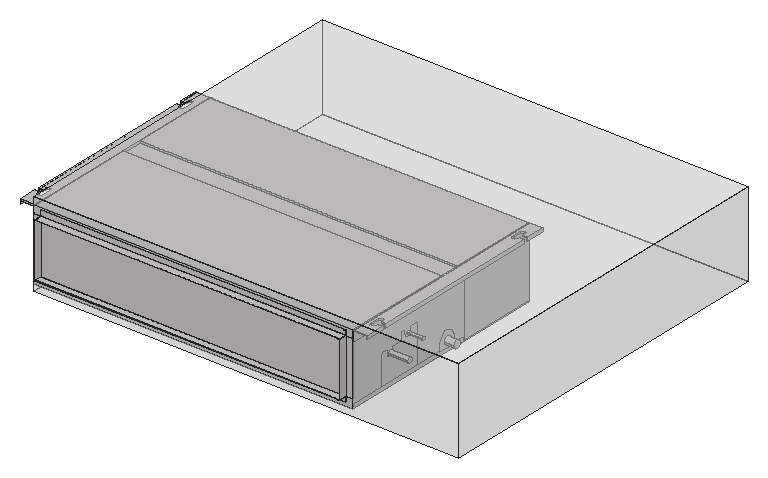
Revit family "outputfile", category 機械設備, Revit 2024
Family settings
  丸型コネクタ寸法 = 半径を使用
  パーツ タイプ = 標準
  OmniClass 番号 = 23.75.10.24.21.27.27
  OmniClass タイトル = Split System Air Conditioning Units
  作業面ベース = いいえ
  常に垂直 = はい
  ロード時にボイドで切り取り = いいえ
  注釈の向きを維持 = いいえ
  共有 = いいえ
  部屋計算ポイント = はい
Parameters (values of type "CDXM50RVM4")
  Description = ""
  書き出し IFC クラス(タイプ) = "IfcUnitaryEquipmentType"
  定義済み IFC タイプ(タイプ) = "AIRCONDITIONINGUNIT"
  Cost = 0
  Type Comments = ""
  Keynote = ""
  Type Image = (empty or 0)
  Assembly Code = ""
  switch_frequency = yes
  ld_powersupply = Depth / 2  # 310.0 mm
  製造元 = "Daikin"
  モデル = "CDXM50RVM4"
  r_Liquid Pipe Size = Liquid Pipe Size / 2  # 3.2 mm
  r_Gas Pipe Size = Gas Pipe Size / 2  # 6.35 mm
  r_Drain Pipe Size = Drain Pipe Size / 2  # 10.0 mm
  lw_powersupply = 50.0 mm  # constant formula
  lw_ductflange2 = 820.0 mm
  lw_Width = 860.0 mm
  lh_suctionflange [instance] = 100.0 mm  # constant formula
  ld_suctionflange [instance] = if(Rear Connection_Return Air, 190.0 mm, 100.0 mm)  # 190.0 mm
  connector_voltage = Voltage_50Hz  # 230 V
  connector_powerinput = if([Power Input (Cooling)] > [Power Input (Heating)], [Power Input (Cooling)], [Power Input (Heating)])  # 0.000 kW
  connector_phase = Phase_50Hz  # 1
  angle_vertical_RA [instance] = if(Rear Connection_Return Air, 90.00°, 0.00°)  # 90.00°
  angle horizontal_RA [instance] = if(Rear Connection_Return Air, 180.00°, 270.00°)  # 180.00°
  Voltage_comment_50Hz = "220 - 240"
  Voltage_50Hz = 230 V
  URL = ""
  Supply Air Direction [instance] = yes
  Sound Power Level_H speed (dB) = 0
  Rear Connection_Return Air [instance] = not(Bottom Connection_Return Air)  # yes
  RA_length [instance] = if(Rear Connection_Return Air, 190.0 mm, 100.0 mm)  # 190.0 mm
  Phase_50Hz = 1
  Minimum External Static Pressure = 0.00 Pa
  Minimum Circuit Amps_50Hz = 0.0 A
  Maximum Fuse Amps_50Hz = 0.0 A
  Maximum External Static Pressure = 40.00 Pa
  Material_Casing = DAIKIN_GalvanizedSteel_Casing_indoorunit
  lw_liquidpipe = 46.0 mm  # constant formula
  lw_gaspipe = 57.0 mm  # constant formula
  lw_mountinghole = 940.0 mm
  lw_drainpipe = 30.0 mm  # constant formula
  lh_powersupply = 150.0 mm  # constant formula
  lh_liquidpipe = 90.0 mm  # constant formula
  lh_gaspipe = 113.0 mm  # constant formula
  lh_mountinghole = Height  # 200.0 mm
  lh_drainpipe = 170.0 mm  # constant formula
  lh_antena = 1.0 mm  # constant formula
  ld_liquidpipe = 193.0 mm  # constant formula
  ld_gaspipe = 130.0 mm  # constant formula
  ld_mountinghole = 500.0 mm  # constant formula
  ld_drainpipe = 330.0 mm  # constant formula
  ld_controlbox = 626.0 mm  # constant formula
  h*** = 0.0 mm  # constant formula
  d_dischargeflange = 21.2 mm  # constant formula
  Width = 900.0 mm
  Version = "ver.1.0"
  Unit Type = "Duct (L.S.P)"
  Unit Mass Weight = 27.00 kg
  Unit Designation [instance] = ""
  Uniclass2015Version = "Products v1.30"
  Uniclass2015Title = "Split coil room air conditioning units"
  Uniclass2015Code = "Pr_70_65_03_86"
  Total Heating Capacity [instance] = 0.000 kW
  Total Cooling Capacity [instance] = 0.000 kW
  Sound Pressure Level_M speed (dBA) = 35
  Sound Pressure Level_L speed (dBA) = 33
  Sound Pressure Level_H speed (dBA) = 37
  Series = "Multi Split_Fan Coil Unit"
  Sensible Cooling Capacity [instance] = 0.000 kW
  SA Duct Size Width = 860.0 mm
  SA Duct Size Height = 153.0 mm
  Refrigerant Type = "R32"
  RA Duct Size Width = 780.0 mm
  RA Duct Size Height = 160.0 mm
  Power Input (Heating) = 0.000 kW
  Power Input (Cooling) = 0.000 kW
  Option Accessory 3 [instance] = ""
  Option Accessory 2 [instance] = ""
  Option Accessory 1 [instance] = ""
  Nominal Heating Capacity = 6.100 kW
  Nominal Cooling Capacity = 5.000 kW
  Minimum Airflow = 600.00 m³/h
  Median Airflow = 660.00 m³/h
  Maximum Airflow = 720.00 m³/h
  Load Classification = HVAC
  Liquid Pipe Size = 6.4 mm
  Link_Nested Family [instance] = ""
  IfcVersion = ""
  IfcExportType = "AIRCONDITIONINGUNIT"
  IfcExportAs = "IfcUnitaryEquipmentType"
  Height = 200.0 mm
  Heating Entering Wet Bulb Temperature [instance] = 0.00 °C
  Heating Entering Dry Bulb Temperature [instance] = 0.00 °C
  Heating Ambient Wet Bulb Temperature [instance] = 0.00 °C
  Heating Ambient Dry Bulb Temperature [instance] = 0.00 °C
  Heat Exchanger Type = "Cross Fin Coil"
  Gas Pipe Size = 12.7 mm
  Frequency_50Hz = 50 Hz
  Fan Type = "Sirocco Fan"
  Fan Drive = "Direct Drive"
  FCU Tag No. [instance] = ""
  Drain Pipe Size = 20.0 mm
  Design Supply Airflow [instance] = 0.00 m³/h
  Design Return Airflow [instance] = 0.00 m³/h
  Design External Static Pressure [instance] = 0.00 Pa
  Depth = 620.0 mm
  既定の高さ = 0.0 mm
  Cooling Entering Wet Bulb Temperature [instance] = 0.00 °C
  Cooling Entering Dry Bulb Temperature [instance] = 0.00 °C
  Cooling Ambient Wet Bulb Temperature [instance] = 0.00 °C
  Cooling Ambient Dry Bulb Temperature [instance] = 0.00 °C
  Clearance visibility [instance] = yes
  Clearance Top = 20.0 mm
  Clearance Right = 300.0 mm
  Clearance Rear = 400.0 mm
  Clearance Left = 0.0 mm
  Clearance Front = 0.0 mm
  Clearance Bottom = 20.0 mm
  Bottom Connection_Return Air [instance] = no
Reference planes
  plane 1 "Center (Front/Back)": y = 0
  plane 2: z = 0
  plane 3 "Center (Left/Right)": x = 0
  plane 4 "Back": y = 310
  plane 5 "Front": y = -310
  plane 6 "Left": x = -450
  plane 7 "Right": x = 450
  plane 8 "Top": z = 0
  plane 9 "Bottom": z = -200
  plane 10: x = -470
  plane 11: x = 470
  plane 12: y = 250
  plane 13: z = 0
  plane 14 "Clearance Left": x = -450
  plane 15 "Clearance Right": x = 750
  plane 16 "Clearance Rear": y = 710
  plane 17 "Clearance Front": y = -310
  plane 18 "Clearance Top": z = 20
  plane 19 "Clearance Bottom": z = -220
  plane 20: y = -250
  plane 21: z = -21
  plane 22: z = -97.5
  plane 23: x = -40
  plane 24: y = 120
  plane 25: z = -100
  plane 26: y = -180
  plane 27: z = -113
  plane 28: y = -117
  plane 29: z = -90
  plane 30: y = 20
  plane 31: z = -170
  plane 32: x = 507
  plane 33: x = 496
  plane 34: x = 480
  plane 35: x = 400
  plane 36: z = -150
Forms (mm)
  Extrusion 1, solid, material "DAIKIN_GalvanizedSteel_Casing_indoorunit" <- "Material_Casing"
    sketch origin (0, 0, 0) x (1, 0, 0) y (0, 1, 0)
      loop
        line (-450, -310) -> (450, -310) -> (450, 310) -> (-450, 310) -> (-450, -310)
    from -200 to 0
  Extrusion 2, void
    sketch origin (0, 0, 1) x (1, 0, 0) y (0, 1, 0)
      loop
        line (-450, 61.5) -> (-450, 3.5) -> (450, 3.5) -> (450, 61.5) -> (-450, 61.5)
    from -1 to -7
  Extrusion 3, solid, material "DAIKIN_GalvanizedSteel_Casing_indoorunit" <- "Material_Casing", visible <- "Bottom Connection_Return Air"
    sketch origin (0, 0, 0) x (1, 0, 0) y (0, 0, 1)
      loop
        line (369, -200) -> (369, -1) -> (-449, -1) -> (-449, -200) -> (369, -200)
    from -310 to -309
  Extrusion 4, solid, material "DAIKIN_GalvanizedSteel_Casing_indoorunit" <- "Material_Casing", visible <- "Rear Connection_Return Air"
    sketch origin (0, 0, 0) x (1, 0, 0) y (0, 1, 0)
      loop
        line (-449, 310) -> (-449, 111) -> (369, 111) -> (369, 310) -> (-449, 310)
    from -200 to -199
  Extrusion 5, solid, material "DAIKIN_GalvanizedSteel_Casing_indoorunit" <- "Material_Casing"
    sketch origin (450, 0, 0) x (0, 1, 0) y (0, 0, 1)
      loop
        circle (-180, -113) r 6.35
    from 0 to 57
  Extrusion 6, solid, material "DAIKIN_GalvanizedSteel_Casing_indoorunit" <- "Material_Casing"
    sketch origin (450, 0, 0) x (0, 1, 0) y (0, 0, 1)
      loop
        circle (-117, -90) r 3.2
    from 0 to 46
  Extrusion 7, solid, material "DAIKIN_GalvanizedSteel_Casing_indoorunit" <- "Material_Casing"
    sketch origin (450, 0, 0) x (0, 1, 0) y (0, 0, 1)
      loop
        circle (20, -170) r 10
    from 0 to 30
  Extrusion 8, solid, material "DAIKIN_GalvanizedSteel_Casing_indoorunit" <- "Material_Casing"
    sketch origin (450, 0, 0) x (0, 1, 0) y (0, 0, 1)
      loop
        line (-310, -200) -> (78.6, -200) -> (78.6, -193)
        arc (78.6, -193) -> (77.721, -190.879) -> (75.6, -190) r 3
        line (75.6, -190) -> (-310, -190) -> (-310, -200)
    from 0 to -1
  Extrusion 9, solid, material "DAIKIN_GalvanizedSteel_Casing_indoorunit" <- "Material_Casing"
    sketch origin (450, 0, 0) x (0, 1, 0) y (0, 0, 1)
      loop
        line (-210, -190) -> (-85.6, -190) -> (-85.6, -83)
        arc (-85.6, -83) -> (-86.479, -80.879) -> (-88.6, -80) r 3
        line (-88.6, -80) -> (-102, -80)
        arc (-102, -80) -> (-104.121, -80.879) -> (-105, -83) r 3
        line (-105, -83) -> (-105, -90)
        arc (-105, -90) -> (-117, -102) -> (-129, -90) r 12
        line (-129, -90) -> (-129, -83)
        arc (-129, -83) -> (-129.879, -80.879) -> (-132, -80) r 3
        line (-132, -80) -> (-136.1, -80)
        arc (-136.1, -80) -> (-138.221, -80.879) -> (-139.1, -83) r 3
        line (-139.1, -83) -> (-139.1, -102.7) -> (-165, -102.7)
        arc (-165, -102.7) -> (-167.121, -103.579) -> (-168, -105.7) r 3
        line (-168, -105.7) -> (-168, -113)
        arc (-168, -113) -> (-180, -125) -> (-192, -113) r 12
        line (-192, -113) -> (-192, -105.7)
        arc (-192, -105.7) -> (-192.879, -103.579) -> (-195, -102.7) r 3
        line (-195, -102.7) -> (-207, -102.7)
        arc (-207, -102.7) -> (-209.121, -103.579) -> (-210, -105.7) r 3
        line (-210, -105.7) -> (-210, -190)
    from 0 to -1
  Extrusion 10, solid, material "DAIKIN_GalvanizedSteel_Casing_indoorunit" <- "Material_Casing"
    sketch origin (450, 0, 0) x (0, 1, 0) y (0, 0, 1)
      loop
        arc (44.5, -170) -> (20, -145.5) -> (-4.5, -170) r 24.5
        line (-4.5, -170) -> (-4.5, -190) -> (44.5, -190) -> (44.5, -170)
    from 0 to -1
  Extrusion 11, solid, material "DAIKIN_GalvanizedSteel_Casing_indoorunit" <- "Material_Casing"
    sketch origin (450, 0, 0) x (0, 1, 0) y (0, 0, 1)
      loop
        arc (86.6, -22) -> (84.479, -22.879) -> (83.6, -25) r 3
        line (83.6, -25) -> (83.6, -194.5)
        arc (83.6, -194.5) -> (84.479, -196.621) -> (86.6, -197.5) r 3
        line (86.6, -197.5) -> (307, -197.5)
        arc (307, -197.5) -> (309.121, -196.621) -> (310, -194.5) r 3
        line (310, -194.5) -> (310, -25)
        arc (310, -25) -> (309.121, -22.879) -> (307, -22) r 3
        line (307, -22) -> (86.6, -22)
    from 0 to -1
Cuts and joins
  Extrusion 2 cuts Extrusion 1
Dimensions and locks
  "Height": plane 8 "Top" to plane 9 "Bottom"
  equal spacing: plane 10, plane 3 "Center (Left/Right)", plane 11
  "lw_mountinghole": plane 10 to plane 11
  equal spacing: plane 6 "Left", plane 3 "Center (Left/Right)", plane 7 "Right"
  "Width": plane 6 "Left" to plane 7 "Right"
  "Clearance Right": plane 7 "Right" to plane 15 "Clearance Right"
  "Clearance Left": plane 14 "Clearance Left" to plane 6 "Left"
  "Clearance Rear": plane 16 "Clearance Rear" to plane 4 "Back"
  "Clearance Front": plane 5 "Front" to plane 17 "Clearance Front"
  "Clearance Top": plane 18 "Clearance Top" to plane 8 "Top"
  "Clearance Bottom": plane 9 "Bottom" to plane 19 "Clearance Bottom"
  "Depth": plane 4 "Back" to plane 5 "Front"
  equal spacing: plane 4 "Back", plane 1 "Center (Front/Back)", plane 5 "Front"
  Extrusion 3 sketch curve to Extrusion 3 sketch curve = 199.0 mm
  locked: plane 20 to plane 5 "Front" at 60
  "ld_mountinghole": plane 12 to plane 20
  locked: plane 8 "Top" to plane 21 at 21
  locked: plane 23 to plane 3 "Center (Left/Right)" at 40
  "ld_suctionflange": plane 4 "Back" to plane 24
  "lh_suctionflange": plane 8 "Top" to plane 25
  "ld_gaspipe": plane 26 to plane 5 "Front"
  "lh_gaspipe": plane 8 "Top" to plane 27
  "ld_liquidpipe": plane 28 to plane 5 "Front"
  "lh_liquidpipe": plane 8 "Top" to plane 29
  "ld_drainpipe": plane 30 to plane 5 "Front"
  "lh_drainpipe": plane 8 "Top" to plane 31
  "lw_gaspipe": plane 7 "Right" to plane 32
  "lw_liquidpipe": plane 7 "Right" to plane 33
  "lw_drainpipe": plane 7 "Right" to plane 34
  "lw_powersupply": plane 35 to plane 7 "Right"
  "lh_powersupply": plane 8 "Top" to plane 36
  "r_Gas Pipe Size": radius of Extrusion 5 sketch curve
  "r_Liquid Pipe Size": radius of Extrusion 6 sketch curve
  "r_Drain Pipe Size": radius of Extrusion 7 sketch curve
  aligned and locked: level to plane 2
  aligned and locked: Extrusion 1 to plane 9 "Bottom"
  aligned and locked: plane 8 "Top" to Extrusion 1
  aligned and locked: plane 11 to nested 2
  aligned and locked: plane 10 to nested 3
  aligned and locked: plane 10 to nested 4
  aligned and locked: plane 8 "Top" to Extrusion 2
  aligned and locked: plane 9 "Bottom" to Extrusion 4  (x2)
  aligned and locked: plane 7 "Right" to cut or joined group of Extrusion 1, Extrusion 2  (x2)
  aligned and locked: plane 3 "Center (Left/Right)" to nested 9
  aligned and locked: plane 6 "Left" to nested 7
  aligned and locked: plane 8 "Top" to nested 9
  aligned and locked: plane 11 to nested 1
  aligned and locked: nested 6 to plane 1 "Center (Front/Back)"
  aligned and locked: plane 3 "Center (Left/Right)" to nested 6
  aligned and locked: level to plane 8 "Top"
  aligned and locked: plane 1 "Center (Front/Back)" to nested 9
  aligned and locked: plane 5 "Front" to nested 10
  aligned and locked: Extrusion 1 sketch curve to plane 5 "Front"
  aligned and locked: plane 21 to nested 10
  aligned and locked: nested 5 to plane 5 "Front"
  aligned and locked: plane 3 "Center (Left/Right)" to nested 5
  aligned and locked: plane 22 to nested 5
  aligned and locked: Extrusion 2 sketch curve to plane 6 "Left"
  aligned and locked: plane 7 "Right" to Extrusion 2 sketch curve
  aligned and locked: nested 11 to plane 23
  aligned and locked: nested 11 to plane 24
  aligned and locked: plane 27 to Extrusion 5 sketch curve
  aligned and locked: plane 26 to Extrusion 5 sketch curve
  aligned and locked: plane 28 to Extrusion 6 sketch curve
  aligned and locked: plane 29 to Extrusion 6 sketch curve
  aligned and locked: plane 31 to Extrusion 7 sketch curve
  aligned and locked: plane 30 to Extrusion 7 sketch curve
  aligned and locked: plane 26 to nested 12
  aligned and locked: nested 12 to plane 27
  aligned and locked: plane 32 to Extrusion 5
  aligned and locked: plane 32 to nested 12
  aligned and locked: plane 33 to Extrusion 6
  aligned and locked: plane 28 to nested 13
  aligned and locked: nested 13 to plane 29
  aligned and locked: plane 33 to nested 13
  aligned and locked: plane 34 to Extrusion 7
  aligned and locked: plane 30 to nested 14
  aligned and locked: nested 14 to plane 31
  aligned and locked: plane 34 to nested 14
  aligned and locked: Extrusion 8 sketch curve to plane 9 "Bottom"
  aligned and locked: Extrusion 8 sketch curve to plane 5 "Front"
  aligned and locked: plane 14 "Clearance Left" to nested 15
  aligned and locked: plane 15 "Clearance Right" to nested 15
  aligned and locked: plane 16 "Clearance Rear" to nested 15
  aligned and locked: nested 15 to plane 17 "Clearance Front"
  aligned and locked: nested 15 to plane 18 "Clearance Top"
  aligned and locked: nested 15 to plane 19 "Clearance Bottom"
  aligned and locked: nested 16 to plane 35
  aligned and locked: nested 16 to plane 36
  aligned and locked: plane 4 "Back" to nested 16
Automatic sketch dimensions
  Extrusion 1 sketch curve to plane 4 "Back" = 0.0 mm
  Extrusion 1 sketch curve to plane 6 "Left" = 0.0 mm
  Extrusion 1 sketch curve to plane 7 "Right" = 0.0 mm
  Extrusion 4 sketch curve to plane 4 "Back" = 0.0 mm
  plane 6 "Left" to Extrusion 3 sketch curve = 1.0 mm
  plane 6 "Left" to Extrusion 4 sketch curve = 1.0 mm
  Extrusion 4 sketch curve to plane 1 "Center (Front/Back)" = 111.0 mm
  Extrusion 3 sketch curve to plane 9 "Bottom" = 0.0 mm
  Extrusion 3 sketch curve to plane 7 "Right" = 81.0 mm
  Extrusion 4 sketch curve to plane 7 "Right" = 81.0 mm
  Extrusion 2 sketch curve to plane 1 "Center (Front/Back)" = 3.5 mm
  Extrusion 2 sketch curve to Extrusion 2 sketch curve = 58.0 mm
  plane 9 "Bottom" to Extrusion 8 sketch curve = 7.0 mm
  Extrusion 8 sketch curve to plane 24 = 44.4 mm
  Extrusion 8 sketch curve to Extrusion 8 sketch curve = 3.0 mm
  Extrusion 9 sketch curve to plane 27 = 0.0 mm
  Extrusion 9 sketch curve to plane 26 = 0.0 mm
  Extrusion 9 sketch curve to plane 29 = 0.0 mm
  Extrusion 9 sketch curve to plane 28 = 0.0 mm
  Extrusion 9 sketch curve to plane 26 = 12.0 mm
  Extrusion 9 sketch curve to plane 25 = 2.7 mm  (x2)
  Extrusion 9 sketch curve to Extrusion 9 sketch curve = 3.0 mm  (x6)
  Extrusion 9 sketch curve to Extrusion 9 sketch curve = 12.0 mm
  plane 9 "Bottom" to Extrusion 9 sketch curve = 10.0 mm
  Extrusion 9 sketch curve to plane 26 = 30.0 mm
  Extrusion 9 sketch curve to plane 28 = 22.1 mm
  Extrusion 9 sketch curve to Extrusion 9 sketch curve = 4.1 mm
  plane 29 to Extrusion 9 sketch curve = 7.0 mm  (x2)
  Extrusion 9 sketch curve to Extrusion 9 sketch curve = 13.4 mm
  Extrusion 10 sketch curve to plane 30 = 0.0 mm
  Extrusion 10 sketch curve to plane 31 = 0.0 mm
  plane 1 "Center (Front/Back)" to Extrusion 10 sketch curve = 4.5 mm
  plane 9 "Bottom" to Extrusion 10 sketch curve = 10.0 mm
  Extrusion 11 sketch curve to plane 4 "Back" = 0.0 mm
  Extrusion 11 sketch curve to Extrusion 11 sketch curve = 3.0 mm  (x3)
  Extrusion 11 sketch curve to plane 21 = 1.0 mm
  Extrusion 11 sketch curve to plane 21 = 4.0 mm
  Extrusion 11 sketch curve to plane 24 = 33.4 mm
  plane 9 "Bottom" to Extrusion 11 sketch curve = 5.5 mm
Nested families
  nested 1: "daikin_mountinghole" at (470, 250, -200), l_antenna <- "lh_antena", Link_Nested Family <- "Link_Nested Family", h_mountinghole <- "lh_mountinghole", type "daikin_mountinghole"
    with show yes, l_antenna 1.0 mm, h_mountinghole 200.0 mm, Link_Nested Family ""
  nested 2: "daikin_mountinghole" at (470, -250, -200), Link_Nested Family <- "Link_Nested Family", l_antenna <- "lh_antena", h_mountinghole <- "lh_mountinghole", type "daikin_mountinghole"
    with show yes, l_antenna 1.0 mm, h_mountinghole 200.0 mm, Link_Nested Family ""
  nested 3: "daikin_mountinghole" at (-470, -250, -200), l_antenna <- "lh_antena", Link_Nested Family <- "Link_Nested Family", h_mountinghole <- "lh_mountinghole", type "daikin_mountinghole"
    with show yes, l_antenna 1.0 mm, h_mountinghole 200.0 mm, Link_Nested Family ""
  nested 4: "daikin_mountinghole" at (-470, 250, -200), l_antenna <- "lh_antena", Link_Nested Family <- "Link_Nested Family", h_mountinghole <- "lh_mountinghole", type "daikin_mountinghole"
    with show yes, l_antenna 1.0 mm, h_mountinghole 200.0 mm, Link_Nested Family ""
  nested 5: "daikin_connector_rotate2" at (0, -310, -97.5), length <- "d_dischargeflange", type "daikin_connector_rotate2"
    with radius 10.0 mm, length 21.2 mm, angle_vertical 90.00°, show_face no
  nested 6: "daikin_△_symbolicline" at (-75, -129.904, 200) x (-0.5, 0.866, 0) z (0, 0, 1), built-in parameter 1001364 <- "Height", visible <- "Supply Air Direction", type "daikin_△_symbolicline"
    with length 300.0 mm
  nested 7: "daikin_ductflange_CDXM-RVM4_1" at (-40, 310, -100), visible <- "Rear Connection_Return Air", material <- "Material_Casing", width <- "lw_ductflange2", type "daikin_ductflange_CDXM-RVM4_1"
    with width 820.0 mm, material DAIKIN_GalvanizedSteel_Casing_indoorunit, height 180.0 mm, depth 21.2 mm
  nested 8: "daikin_ductflange_CDXM-RVM4_1" at (-40, 210, -200) x (1, 0, 0) z (0, 1, 0), visible <- "Bottom Connection_Return Air", material <- "Material_Casing", width <- "lw_ductflange2", type "daikin_ductflange_CDXM-RVM4_1"
    with width 820.0 mm, material DAIKIN_GalvanizedSteel_Casing_indoorunit, height 180.0 mm, depth 21.2 mm
  nested 9: "daikin_hangerfixture_CDXM-RVM4" at (0, 0, 0), type "daikin_hangerfixture_CDXM-RVM4"
    with width 900.0 mm
  nested 10: "daikin_ductflange_CDXM-RVM4" at (0, 3.5, -364.201), width <- "lw_Width", material <- "Material_Casing", type "daikin_ductflange_CDXM-RVM4"
    with width 860.0 mm, material DAIKIN_GalvanizedSteel_Casing_indoorunit, height 155.0 mm, depth 21.2 mm
  nested 11: "daikin_connector_rotate3" at (-40, 120, -100), length <- "RA_length", angle_vertical <- "angle_vertical_RA", angle_horizontal <- "angle horizontal_RA", type "daikin_connector_rotate3"
    with show no, radius 10.0 mm, length 190.0 mm, angle_vertical 90.00°, angle_horizontal 180.00°
  nested 12: "daikin_connector_rotate2" at (450, -180, -113) x (0, 1, 0) z (0, 0, 1), length <- "lw_gaspipe", radius <- "r_Gas Pipe Size", type "daikin_connector_rotate2"
    with radius 6.35 mm, length 57.0 mm, angle_vertical 90.00°, show_face no
  nested 13: "daikin_connector_rotate2" at (450, -117, -90) x (0, 1, 0) z (0, 0, 1), radius <- "r_Liquid Pipe Size", length <- "lw_liquidpipe", type "daikin_connector_rotate2"
    with radius 3.2 mm, length 46.0 mm, angle_vertical 90.00°, show_face no
  nested 14: "daikin_connector_rotate2" at (450, 20, -170) x (0, 1, 0) z (0, 0, 1), radius <- "r_Drain Pipe Size", length <- "lw_drainpipe", type "daikin_connector_rotate2"
    with radius 10.0 mm, length 30.0 mm, angle_vertical 90.00°, show_face no
  nested 15: "daikin_clearancespace" at (150, 200, -99.881), visible <- "Clearance visibility", Link_Nested Family <- "Link_Nested Family", show <- "Clearance visibility", type "daikin_clearancespace"
    with width 1200.0 mm, show yes, height 240.0 mm, depth 1020.0 mm, Link_Nested Family ""
  nested 16: "daikin_connector_rotate2" at (400, 0, -150) x (-1, 0, 0) z (0, 0, 1), length <- "ld_powersupply", type "daikin_connector_rotate2"
    with radius 10.0 mm, length 310.0 mm, angle_vertical 90.00°, show_face no
Connectors
  hvac at (0, -331.2, -97.5), driven by "SA Duct Size Height", driven by "SA Duct Size Width"
    settings: on nested 5, index 1, duct flow 0.00 m³/h, flow factor 0, pres drop 0.00 Pa, loss coef 0, conn angle 0.00°, conn width 860.0 mm, conn height 153.0 mm, conn diameter 609.6 mm, duct sys type 1, conn prof type 1, flow config 0, flow direction 2, loss method 4, conn ref index -1, conn util no, is conn primary yes, conn desc "SA Duct"
  hvac at (-40, 310, -100), driven by "RA Duct Size Height", driven by "RA Duct Size Width"
    settings: on nested 11, index 2, duct flow 0.00 m³/h, flow factor 0, pres drop 0.00 Pa, loss coef 0, conn angle 0.00°, conn width 780.0 mm, conn height 160.0 mm, conn diameter 609.6 mm, duct sys type 2, conn prof type 1, flow config 0, flow direction 1, loss method 4, conn ref index -1, conn util no, is conn primary no, conn desc "RA Duct"
  piping at (507, -180, -113), diameter 12.7, driven by "r_Gas Pipe Size"
    settings: on nested 12, index 3, connector inside diameter 609.6 mm, connector length 0.0 mm, flow factor 0, pipe flow 0.00 m³/h, pressure drop 0.0 Pa, fitting loss kfactor 0, connector angle 0.00°, fixture units 0, engagement length 0.0 mm, angle of deflection 0.00°, flow configuration 1, flow direction 2, fitting loss method 0, system type 29, joint type 0, gender type 0, connector reference index -1, connector utility 0, adjustable connector no, is connector primary yes, connector description "Refrigerant Gas Piping"
  piping at (496, -117, -90), diameter 6.4, driven by "r_Liquid Pipe Size"
    settings: on nested 13, index 4, connector inside diameter 609.6 mm, connector length 0.0 mm, flow factor 0, pipe flow 0.00 m³/h, pressure drop 0.0 Pa, fitting loss kfactor 0, connector angle 0.00°, fixture units 0, engagement length 0.0 mm, angle of deflection 0.00°, flow configuration 1, flow direction 1, fitting loss method 0, system type 29, joint type 0, gender type 0, connector reference index -1, connector utility 0, adjustable connector no, is connector primary no, connector description "Refrigerant Liquid Piping"
  piping at (480, 20, -170), diameter 20, driven by "r_Drain Pipe Size"
    settings: on nested 14, index 5, connector inside diameter 609.6 mm, connector length 0.0 mm, flow factor 0, pipe flow 0.00 m³/h, pressure drop 0.0 Pa, fitting loss kfactor 0, connector angle 0.00°, fixture units 0, engagement length 0.0 mm, angle of deflection 0.00°, flow configuration 1, flow direction 2, fitting loss method 4, system type 16, joint type 0, gender type 0, connector reference index -1, connector utility 0, adjustable connector no, is connector primary no, connector description "Condensate Drain Piping"
  electrical at (400, 310, -150), driven by "Load Classification", driven by "connector_phase", driven by "connector_voltage", driven by "connector_powerinput"
    settings: on nested 16, index 6, voltage 230 V, apparent load 0 VA, apparent load phase1 0 VA, apparent load phase2 0 VA, apparent load phase3 0 VA, power factor 1, load classification "HVAC", number of poles 1, system type 30, power factor state 1, is connector primary yes, connector utility no, sub classification motor no, connector description "Power Supply"
Definition of nested family "daikin_ductflange_CDXM-RVM4_1"
  Parameters (values of type "daikin_ductflange_CDXM-RVM4_1")
    width [instance] = 620.0 mm
    material [instance] = none
    height [instance] = 180.0 mm
    depth [instance] = 21.2 mm
    Default Elevation = 0.0 mm
  Reference planes
    plane 1 "Center (Front/Back)": y = 0
    plane 2: z = 0
    plane 3 "Center (Left/Right)": x = 0
    plane 4: x = -310
    plane 5: x = 310
    plane 6: z = 90
    plane 7: z = -90
    plane 8: z = 100
    plane 9: z = -100
    plane 10: x = -309
    plane 11: x = 309
  Forms (mm)
    Extrusion 1, solid, material <- "material"
      sketch origin (0, 0, 0) x (1, 0, 0) y (0, 0, 1)
        loop
          line (-290, 80) -> (-290, -80) -> (290, -80) -> (290, 80) -> (-290, 80)
        loop
          line (-309, -99) -> (309, -99) -> (309, 99) -> (-309, 99) -> (-309, -99)
      from 0 to 1
  Dimensions and locks
    equal spacing: plane 5, plane 3 "Center (Left/Right)", plane 4, locked at 310 each
    "width": plane 5 to plane 4
    equal spacing: plane 6, level, plane 7, locked at 90 each
    "height": plane 6 to plane 7
    equal spacing: plane 8, level, plane 9, locked at 100 each
    locked: plane 8 to plane 9 at 200
    plane 10 to plane 4 = 1.0 mm
    locked: plane 5 to plane 11 at 1
    locked: Extrusion 1 sketch curve to Extrusion 1 sketch curve at 19  (x4)
    locked: plane 8 to Extrusion 1 sketch curve at 1
    locked: Extrusion 1 sketch curve to plane 9 at 1
    aligned and locked: level to plane 2
  Automatic sketch dimensions
    plane 4 to Extrusion 1 sketch curve = 1.0 mm
    Extrusion 1 sketch curve to plane 5 = 1.0 mm
Definition of nested family "daikin_hangerfixture_CDXM-RVM4"
  Parameters (values of type "daikin_hangerfixture_CDKS-EAVMA")
    width = 700.0 mm
    material = none
    height = 30.0 mm
    depth = 618.0 mm
    Default Elevation = 0.0 mm
  Reference planes
    plane 1 "Center (Front/Back)": y = 0
    plane 2: z = 0
    plane 3 "Center (Left/Right)": x = 0
    plane 4: x = 350
    plane 5: y = 309
    plane 6: y = -309
    plane 7: x = -350
    plane 8: z = -30
  Forms (mm)
    Extrusion 1, solid, material <- "material"
      sketch origin (0, 0, 0) x (1, 0, 0) y (0, 0, 1)
        loop
          line (350, 0) -> (350, -30) -> (352.3, -30) -> (352.3, -2.3) -> (387.7, -2.3) -> (387.7, -10) -> (390, -10) -> (390, 0) -> (350, 0)
      from -309 to 309
    Extrusion 2, void
      sketch origin (0, 0, 0) x (0, 1, 0) y (0, 0, 1)
        loop
          line (309, -30) -> (309, -17.979) -> (87.935, -17.979) -> (75.914, -30) -> (309, -30)
      from 0 to 450
    Extrusion 3, void
      sketch origin (0, 0, 0) x (1, 0, 0) y (0, 1, 0)
        loop
          line (390, -243.5) -> (377, -243.5) -> (377, -237)
          arc (377, -237) -> (370, -230) -> (363, -237) r 7
          line (363, -237) -> (363, -263)
          arc (363, -263) -> (370, -270) -> (377, -263) r 7
          line (377, -263) -> (377, -256.5) -> (390, -256.5) -> (390, -243.5)
        loop
          line (390, 243.5) -> (390, 256.5) -> (377, 256.5) -> (377, 263)
          arc (377, 263) -> (370, 270) -> (363, 263) r 7
          line (363, 263) -> (363, 237)
          arc (363, 237) -> (370, 230) -> (377, 237) r 7
          line (377, 237) -> (377, 243.5) -> (390, 243.5)
      from -254.96 to 618
    Extrusion 4, solid, material <- "material"
      sketch origin (0, 0, 0) x (-1, 0, 0) y (0, 0, -1)
        loop
          line (350, 0) -> (390, 0) -> (390, 10) -> (387.7, 10) -> (387.7, 2.3) -> (352.3, 2.3) -> (352.3, 30) -> (350, 30) -> (350, 0)
      from -309 to 309
    Extrusion 5, void
      sketch origin (0, 0, 0) x (-1, 0, 0) y (0, -1, 0)
        loop
          line (390, 243.5) -> (390, 256.5) -> (377, 256.5) -> (377, 263)
          arc (377, 263) -> (370, 270) -> (363, 263) r 7
          line (363, 263) -> (363, 237)
          arc (363, 237) -> (370, 230) -> (377, 237) r 7
          line (377, 237) -> (377, 243.5) -> (390, 243.5)
        loop
          line (390, -243.5) -> (377, -243.5) -> (377, -237)
          arc (377, -237) -> (370, -230) -> (363, -237) r 7
          line (363, -237) -> (363, -263)
          arc (363, -263) -> (370, -270) -> (377, -263) r 7
          line (377, -263) -> (377, -256.5) -> (390, -256.5) -> (390, -243.5)
      from -254.96 to 618
  Cuts and joins
    Extrusion 2, Extrusion 3, Extrusion 5 cuts Extrusion 1
    Extrusion 5 cuts Extrusion 4
  Dimensions and locks
    equal spacing: plane 5, plane 1 "Center (Front/Back)", plane 6
    "depth": plane 5 to plane 6
    plane 6 to plane 1 "Center (Front/Back)" to plane 5 = 309.0 mm, 309.0 mm
    equal spacing: plane 4, plane 3 "Center (Left/Right)", plane 7
    "width": plane 4 to plane 7
    "height": level to plane 8
    aligned and locked: level to plane 2
    aligned and locked: plane 5 to Extrusion 1
    aligned and locked: Extrusion 1 to plane 6
    aligned and locked: Extrusion 1 to plane 4
    aligned and locked: plane 5 to cut or joined group of Extrusion 1, Extrusion 2, Extrusion 3, Extrusion 5
    aligned and locked: cut or joined group of Extrusion 1, Extrusion 2, Extrusion 3, Extrusion 5 to plane 6
    aligned and locked: level to cut or joined group of Extrusion 1, Extrusion 2, Extrusion 3, Extrusion 5
    aligned and locked: cut or joined group of Extrusion 1, Extrusion 2, Extrusion 3, Extrusion 5 to plane 8
    aligned and locked: plane 5 to cut or joined group of Extrusion 4, Extrusion 5
    aligned and locked: cut or joined group of Extrusion 4, Extrusion 5 to plane 6
  Automatic sketch dimensions
    Extrusion 1 sketch curve to plane 4 = 0.0 mm
    Extrusion 1 sketch curve to plane 8 = 0.0 mm
    Extrusion 1 sketch curve to level = 0.0 mm
    plane 4 to Extrusion 1 sketch curve = 2.3 mm
    Extrusion 1 sketch curve to level = 2.3 mm
    Extrusion 1 sketch curve to Extrusion 1 sketch curve = 35.4 mm
    Extrusion 1 sketch curve to Extrusion 1 sketch curve = 2.3 mm
    Extrusion 1 sketch curve to Extrusion 1 sketch curve = 7.7 mm
    Extrusion 2 sketch curve to plane 8 = 0.0 mm
    Extrusion 2 sketch curve to plane 5 = 0.0 mm
    plane 8 to Extrusion 2 sketch curve = 12.021 mm
    Extrusion 2 sketch curve to plane 1 "Center (Front/Back)" = 87.935 mm
    Extrusion 2 sketch curve to Extrusion 2 sketch curve = 12.021 mm
    plane 4 to Extrusion 3 sketch curve = 13.0 mm  (x2)
    Extrusion 3 sketch curve to Extrusion 3 sketch curve = 7.0 mm  (x4)
    Extrusion 3 sketch curve to Extrusion 3 sketch curve = 13.0 mm  (x4)
    plane 6 to Extrusion 3 sketch curve = 46.0 mm
    Extrusion 3 sketch curve to Extrusion 3 sketch curve = 6.5 mm  (x4)
    Extrusion 3 sketch curve to plane 5 = 72.0 mm
    Extrusion 4 sketch curve to plane 7 = 0.0 mm
    Extrusion 4 sketch curve to plane 8 = 0.0 mm
    Extrusion 4 sketch curve to level = 0.0 mm
    Extrusion 4 sketch curve to plane 7 = 2.3 mm
    Extrusion 4 sketch curve to level = 2.3 mm
    Extrusion 4 sketch curve to Extrusion 4 sketch curve = 35.4 mm
    Extrusion 4 sketch curve to Extrusion 4 sketch curve = 2.3 mm
    Extrusion 4 sketch curve to Extrusion 4 sketch curve = 7.7 mm
    Extrusion 5 sketch curve to plane 7 = 13.0 mm  (x2)
    Extrusion 5 sketch curve to Extrusion 5 sketch curve = 7.0 mm  (x4)
    Extrusion 5 sketch curve to Extrusion 5 sketch curve = 13.0 mm  (x4)
    Extrusion 5 sketch curve to plane 5 = 46.0 mm
    Extrusion 5 sketch curve to Extrusion 5 sketch curve = 6.5 mm  (x4)
    plane 6 to Extrusion 5 sketch curve = 72.0 mm
Definition of nested family "daikin_ductflange_CDXM-RVM4"
  Parameters (values of type "daikin_ductflange_FXDQ-NDVET")
    width [instance] = 660.0 mm
    material [instance] = none
    height [instance] = 155.0 mm
    depth [instance] = 21.2 mm
    Default Elevation = 0.0 mm
  Reference planes
    plane 1 "Center (Front/Back)": y = 0
    plane 2: z = 189.201
    plane 3 "Center (Left/Right)": x = 0
    plane 4: y = -313.5
    plane 5: x = -330
    plane 6: x = 330
    plane 7: y = -334.7
    plane 8: z = 344.201
    plane 9: z = 266.701
    plane 10: z = 343.201
    plane 11: z = 190.201
  Forms (mm)
    Extrusion 1, solid, material <- "material"
      sketch origin (0, 0, 189.201) x (1, 0, 0) y (0, 1, 0)
        loop
          line (-330, -334.7) -> (-330, -313.5) -> (-350, -313.5) -> (-350, -314.5) -> (-331, -314.5) -> (-331, -334.7) -> (-330, -334.7)
        loop
          line (330, -334.7) -> (331, -334.7) -> (331, -314.5) -> (350, -314.5) -> (350, -313.5) -> (330, -313.5) -> (330, -334.7)
      from 1 to 154
    Extrusion 2, solid, material <- "material"
      sketch origin (0, 0, 0) x (0, 1, 0) y (0, 0, 1)
        loop
          line (-313.5, 343.201) -> (-313.5, 358.201) -> (-314.5, 358.201) -> (-314.5, 344.201) -> (-334.7, 344.201) -> (-334.7, 343.201) -> (-313.5, 343.201)
        loop
          line (-313.5, 190.201) -> (-334.7, 190.201) -> (-334.7, 189.201) -> (-314.5, 189.201) -> (-314.5, 175.201) -> (-313.5, 175.201) -> (-313.5, 190.201)
      from -330 to 330
  Dimensions and locks
    plane 4 to plane 1 "Center (Front/Back)" = 313.5 mm
    "depth": plane 7 to plane 4
    equal spacing: plane 8, plane 9, level
    "height": plane 8 to level
    equal spacing: plane 6, plane 3 "Center (Left/Right)", plane 5
    "width": plane 6 to plane 5
    locked: plane 8 to plane 10 at 1
    locked: plane 11 to level at 1
    locked: Extrusion 1 to Extrusion 2 sketch curve at 1
    locked: Extrusion 2 sketch curve to Extrusion 1 at 1
    plane 10 to plane 11 = 153.0 mm
    aligned and locked: level to plane 2
    aligned and locked: Extrusion 2 to plane 5
    aligned and locked: Extrusion 2 to plane 11
    aligned and locked: Extrusion 2 to plane 10
    aligned and locked: plane 6 to Extrusion 2
    aligned and locked: plane 5 to Extrusion 2  (x2)
    aligned and locked: plane 5 to Extrusion 1  (x2)
    aligned and locked: Extrusion 1 to plane 6
    aligned and locked: plane 6 to Extrusion 1
    aligned and locked: Extrusion 1 to plane 10
  Automatic sketch dimensions
    Extrusion 2 sketch curve to plane 7 = 0.0 mm  (x2)
    Extrusion 2 sketch curve to plane 4 = 0.0 mm  (x2)
    Extrusion 2 sketch curve to plane 11 = 0.0 mm
    Extrusion 2 sketch curve to plane 10 = 0.0 mm
    Extrusion 2 sketch curve to plane 4 = 1.0 mm  (x2)
    Extrusion 2 sketch curve to level = 14.0 mm
    plane 8 to Extrusion 2 sketch curve = 14.0 mm
    Extrusion 1 sketch curve to plane 4 = 0.0 mm  (x2)
    Extrusion 1 sketch curve to plane 7 = 0.0 mm  (x2)
    Extrusion 1 sketch curve to plane 5 = 0.0 mm
    Extrusion 1 sketch curve to plane 6 = 0.0 mm
    Extrusion 1 sketch curve to plane 5 = 1.0 mm
    Extrusion 1 sketch curve to Extrusion 1 sketch curve = 19.0 mm  (x2)
    Extrusion 1 sketch curve to Extrusion 1 sketch curve = 1.0 mm
    Extrusion 1 sketch curve to plane 4 = 1.0 mm  (x2)
Definition of nested family "daikin_clearancespace"
  Parameters (values of type "daikin_clearancespace")
    Description = "daikin_clearancespace"
    width [instance] = 1823.963 mm
    show [instance] = yes
    material = none
    height [instance] = 1359.762 mm
    depth [instance] = 880.0 mm
    Default Elevation = 0.0 mm
    Link_Nested Family [instance] = ""
  Reference planes
    plane 1 "Center (Front/Back)": y = 0
    plane 2 "Center (Elevation)": z = -0.119
    plane 3 "Center (Left/Right)": x = 0
    plane 4: y = 440
    plane 5: y = -440
    plane 6 "Right": x = 911.982
    plane 7 "Left": x = -911.982
    plane 8 "Top": z = 679.762
    plane 9 "Bottom": z = -680
  Forms (mm)
    Extrusion 1, solid, material <- "material", visible <- "show"
      sketch origin (0, 0, 0) x (1, 0, 0) y (0, 1, 0)
        loop
          line (-911.982, 440) -> (-911.982, -440) -> (911.982, -440) -> (911.982, 440) -> (-911.982, 440)
      from -680 to 679.762
  Lines and regions (mm)
    symbolic lines, visible <- "show"
      curve 1: line (911.982, 440, 0) -> (-911.982, 440, 0)
      curve 2: line (-911.982, 440, 0) -> (-911.982, -440, 0)
      curve 3: line (-911.982, -440, 0) -> (911.982, -440, 0)
      curve 4: line (911.982, -440, 0) -> (911.982, 440, 0)
      curve 5: line (911.982, 0, 679.762) -> (-911.982, 0, 679.762)
      curve 6: line (911.982, 0, -680) -> (911.982, 0, 679.762)
      curve 7: line (-911.982, 0, -680) -> (911.982, 0, -680)
      curve 8: line (-911.982, 0, 679.762) -> (-911.982, 0, -680)
      curve 9: line (0, 440, 679.762) -> (0, -440, 679.762)
      curve 10: line (0, -440, 679.762) -> (0, -440, -680)
      curve 11: line (0, 440, -680) -> (0, 440, 679.762)
      curve 12: line (0, -440, -680) -> (0, 440, -680)
  Dimensions and locks
    "width": plane 7 "Left" to plane 6 "Right"
    "depth": plane 4 to plane 5
    "height": plane 8 "Top" to plane 9 "Bottom"
    equal spacing: plane 7 "Left", plane 3 "Center (Left/Right)", plane 6 "Right"
    equal spacing: plane 4, plane 1 "Center (Front/Back)", plane 5
    equal spacing: plane 8 "Top", plane 2 "Center (Elevation)", plane 9 "Bottom"
    aligned and locked: level to plane 2 "Center (Elevation)"
    aligned and locked: Extrusion 1 sketch curve to plane 4
    aligned and locked: plane 7 "Left" to Extrusion 1 sketch curve
    aligned and locked: Extrusion 1 sketch curve to plane 5
    aligned and locked: Extrusion 1 sketch curve to plane 6 "Right"
    aligned and locked: plane 8 "Top" to Extrusion 1
    aligned and locked: curve 1 to Extrusion 1
    aligned and locked: curve 2 to Extrusion 1
    aligned and locked: curve 3 to Extrusion 1
    aligned and locked: curve 4 to Extrusion 1
    aligned and locked: curve 5 to Extrusion 1
    aligned and locked: curve 6 to Extrusion 1
    aligned and locked: curve 7 to Extrusion 1
    aligned and locked: curve 8 to Extrusion 1
    aligned and locked: curve 9 to Extrusion 1
    aligned and locked: curve 10 to Extrusion 1
    aligned and locked: curve 11 to Extrusion 1
    aligned and locked: curve 12 to Extrusion 1
    aligned and locked: Extrusion 1 to plane 9 "Bottom"
Definition of nested family "daikin_mountinghole"
  Parameters (values of type "daikin_mountinghole")
    Default Elevation = 1219.2 mm
    Type Comments = "mountinghole"
    show [instance] = yes
    material = none
    l_centerline = 100.0 mm
    l_antenna [instance] = 100.0 mm
    h_mountinghole [instance] = 0.0 mm
    d_circle = 30.0 mm
    Link_Nested Family [instance] = ""
  Reference planes
    plane 1 "Center (Front/Back)": y = 0
    plane 2: z = 0
    plane 3 "Center (Left/Right)": x = 0
    plane 4: y = 50
    plane 5: x = -50
    plane 6: x = 50
    plane 7: y = -50
    plane 8 "h_mountinghole": z = 0
    plane 9: z = 100
  Lines and regions (mm)
    model lines, detail levels fine
      curve 1: circle (0, 0, 0) r 15 normal (0, 0, 1)
      curve 2: line (-50, 0, 0) -> (50, 0, 0)
      curve 3: line (0, 50, 0) -> (0, -50, 0)
    symbolic lines, detail levels fine
      curve 4: circle (0, 0, 0) r 15 normal (0, 0, 1)
      curve 5: line (-50, 0, 0) -> (50, 0, 0)
      curve 6: line (0, 50, 0) -> (0, -50, 0)
    model lines
      curve 7: line (0, 0, 100) -> (0, 0, 0)
  Dimensions and locks
    equal spacing: plane 4, plane 1 "Center (Front/Back)", plane 7
    "l_centerline": plane 4 to plane 7
    equal spacing: plane 5, plane 3 "Center (Left/Right)", plane 6
    "l_centerline": plane 5 to plane 6
    "l_antenna": plane 9 to plane 8 "h_mountinghole"
    "h_mountinghole": plane 8 "h_mountinghole" to plane 2
    "d_circle": diameter of curve 1
    "d_circle": diameter of curve 4
    aligned and locked: level to plane 2
    aligned and locked: plane 1 "Center (Front/Back)" to curve 1
    aligned and locked: plane 3 "Center (Left/Right)" to curve 1
    aligned and locked: plane 1 "Center (Front/Back)" to curve 2
    aligned and locked: curve 3 to plane 3 "Center (Left/Right)"
    aligned and locked: plane 6 to curve 2
    aligned and locked: plane 5 to curve 2
    aligned and locked: plane 4 to curve 3
    aligned and locked: plane 7 to curve 3
    aligned and locked: plane 1 "Center (Front/Back)" to curve 4
    aligned and locked: plane 3 "Center (Left/Right)" to curve 4
    aligned and locked: plane 6 to curve 5
    aligned and locked: plane 5 to curve 5
    aligned and locked: plane 1 "Center (Front/Back)" to curve 5
    aligned and locked: plane 4 to curve 6
    aligned and locked: plane 7 to curve 6
    aligned and locked: curve 6 to plane 3 "Center (Left/Right)"
    aligned and locked: curve 7 to plane 3 "Center (Left/Right)"
    aligned and locked: plane 9 to curve 7
    aligned and locked: plane 8 "h_mountinghole" to curve 7
Definition of nested family "daikin_connector_rotate2"
  Parameters (values of type "daikin_connector_rotate2")
    show_face = yes
    radius [instance] = 10.0 mm
    length [instance] = 600.0 mm
    d_surface = 10.0 mm
    angle_vertical [instance] = 90.00°
    Default Elevation = 0.0 mm
  Reference planes
    plane 1 "Center (Front/Back)": y = 0
    plane 2: z = 0
    plane 3 "Center (Left/Right)": x = 0
  Forms (mm)
    Extrusion 1, solid, visible <- "show_face"
      sketch origin (0, -600, 0) x (1, 0, 0) y (0, 0, 1)
        loop
          circle (0, 0) r 10
      from 0 to -10
  Lines and regions (mm)
    reference lines
      curve 1: line (0, 0, 0) -> (0, -600, 0)
    symbolic lines
      curve 2: circle (0, 0, 0) r 5 normal (0, 0, 1)
    model lines, visible <- "show_face"
      curve 3: line (0, 0, 0) -> (0, -600, 0)
  Dimensions and locks
    "length": curve 1 to curve 1
    "length": curve 3 to curve 3
    "d_surface": Extrusion 1 to Extrusion 1
    "radius": radius of Extrusion 1 sketch curve
    "angle_vertical": angle curve 1 to plane 1 "Center (Front/Back)"
    "angle_vertical": angle curve 3 to plane 1 "Center (Front/Back)"
    aligned and locked: level to plane 2
    aligned and locked: plane 1 "Center (Front/Back)" to curve 1
    aligned and locked: plane 2 to curve 1
    aligned and locked: plane 1 "Center (Front/Back)" to curve 2
    aligned and locked: plane 3 "Center (Left/Right)" to curve 2
    aligned and locked: plane 1 "Center (Front/Back)" to curve 3
    aligned and locked: plane 2 to curve 3
    aligned and locked: Extrusion 1 to Extrusion 1
  Automatic sketch dimensions
    Extrusion 1 sketch curve to level = 0.0 mm
    Extrusion 1 sketch curve to plane 3 "Center (Left/Right)" = 0.0 mm
    radius of curve 2 = 5.0 mm
Definition of nested family "daikin_△_symbolicline"
  Parameters (values of type "daikin_△_symbolicline")
    length [instance] = 500.0 mm
    Default Elevation = 0.0 mm
  Reference planes
    plane 1 "Center (Front/Back)": y = 0
    plane 2: z = 0
    plane 3 "Center (Left/Right)": x = 0
  Lines and regions (mm)
    symbolic lines
      curve 1: line (0, -433.013, 0) -> (250, 0, 0)
      curve 2: line (250, 0, 0) -> (-250, 0, 0)
      curve 3: line (-250, 0, 0) -> (0, -433.013, 0)
  Dimensions and locks
    equal spacing: curve 3, plane 3 "Center (Left/Right)", curve 2
    "length": curve 3 to curve 2
    "length": curve 3 to curve 3
    "length": curve 1 to curve 1
    aligned and locked: level to plane 2
    aligned and locked: curve 2 to plane 1 "Center (Front/Back)"
    aligned and locked: plane 3 "Center (Left/Right)" to curve 3
Definition of nested family "daikin_connector_rotate3"
  Parameters (values of type "daikin_connector_rotate3")
    Default Elevation = 1219.2 mm
    show [instance] = yes
    radius [instance] = 10.0 mm
    length [instance] = 600.0 mm
    angle_horizontal [instance] = 60.00°
    angle_vertical [instance] = 90.00°
  Reference planes
    plane 1 "Center (Front/Back)": y = 0
    plane 2: z = 0
    plane 3 "Center (Left/Right)": x = 0
  Dimensions and locks
    "angle_horizontal": angle plane 3 "Center (Left/Right)" to nested 1
    aligned and locked: level to plane 2
    aligned and locked: plane 1 "Center (Front/Back)" to nested 1  (x2)
    aligned and locked: plane 3 "Center (Left/Right)" to nested 1
  Nested families
    nested 1: "daikin_connector_rotate2" at (0, 0, 0) x (0.5, 0.866, 0) z (0, 0, 1), angle_vertical <- "angle_vertical", length <- "length", radius <- "radius", type "daikin_connector_rotate2"
      with radius 10.0 mm, length 600.0 mm, angle_vertical 90.00°
  Definition of nested family "daikin_connector_rotate2"
    Parameters (values of type "daikin_connector_rotate2")
      show_face = yes
      radius [instance] = 10.0 mm
      length [instance] = 600.0 mm
      d_surface = 10.0 mm
      angle_vertical [instance] = 90.00°
      Default Elevation = 0.0 mm
    Reference planes
      plane 1 "Center (Front/Back)": y = 0
      plane 2: z = 0
      plane 3 "Center (Left/Right)": x = 0
    Forms (mm)
      Extrusion 1, solid, visible <- "show_face"
        sketch origin (0, -600, 0) x (1, 0, 0) y (0, 0, 1)
          loop
            circle (0, 0) r 10
        from 0 to -10
    Lines and regions (mm)
      reference lines
        curve 1: line (0, 0, 0) -> (0, -600, 0)
      symbolic lines
        curve 2: circle (0, 0, 0) r 5 normal (0, 0, 1)
      model lines, visible <- "show_face"
        curve 3: line (0, 0, 0) -> (0, -600, 0)
    Dimensions and locks
      "length": curve 1 to curve 1
      "length": curve 3 to curve 3
      "d_surface": Extrusion 1 to Extrusion 1
      "radius": radius of Extrusion 1 sketch curve
      "angle_vertical": angle curve 1 to plane 1 "Center (Front/Back)"
      "angle_vertical": angle curve 3 to plane 1 "Center (Front/Back)"
      aligned and locked: level to plane 2
      aligned and locked: plane 1 "Center (Front/Back)" to curve 1
      aligned and locked: plane 2 to curve 1
      aligned and locked: plane 1 "Center (Front/Back)" to curve 2
      aligned and locked: plane 3 "Center (Left/Right)" to curve 2
      aligned and locked: plane 1 "Center (Front/Back)" to curve 3
      aligned and locked: plane 2 to curve 3
      aligned and locked: Extrusion 1 to Extrusion 1
    Automatic sketch dimensions
      Extrusion 1 sketch curve to level = 0.0 mm
      Extrusion 1 sketch curve to plane 3 "Center (Left/Right)" = 0.0 mm
      radius of curve 2 = 5.0 mm
